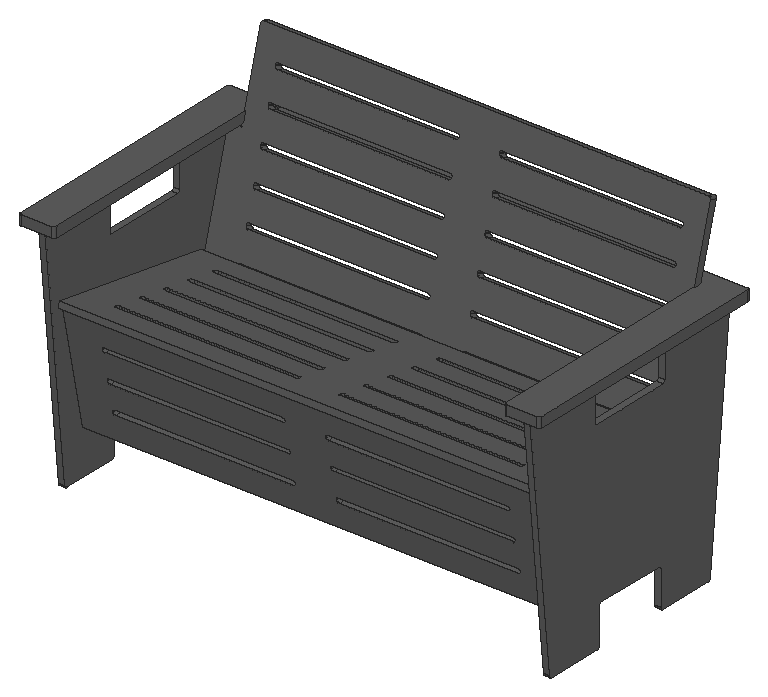
Revit family "Lollygagger Go Love Seat", category Furniture, Revit 2016 (continued)
Lines and regions (in)
  Masking region 7
    outline origin (0, 0, 0) x (1, 0, 0) y (0, 1, 0)
      loop
        spline (0, 13.96033) -> (-2.44091, 13.94774) -> (-4.79691, 13.9251) -> (-7.06802, 13.89242) -> (-9.25422, 13.84969) -> (-11.35553, 13.79691) -> (-13.37194, 13.73409) -> (-15.30345, 13.66122) -> (-17.15006, 13.5783) -> (-18.91177, 13.48533) -> (-20.58858, 13.38232) -> (-22.18049, 13.26926) -> (-23.6875, 13.14615)
        line (-23.6875, 13.14615) -> (-23.6875, 13) -> (-22.4992, 13)
        arc (-22.4992, 13) -> (-22.32299, 12.92701) -> (-22.25, 12.7508) r 0.2492
  Masking region 8
    outline origin (0, 0, 0) x (1, 0, 0) y (0, 1, 0)
      loop
        line (-24.3125, 14.62925) -> (-24.3125, 13) -> (-23.6875, 13) -> (-23.6875, 14.62925) -> (-24.3125, 14.62925)
      loop
        line (24.3125, 14.62925) -> (23.6875, 14.62925) -> (23.6875, 13) -> (24.3125, 13) -> (24.3125, 14.62925)
  Masking region 9
    outline origin (0, 0, 0) x (0, 1, 0) y (0, 0, 1)
      loop
        line (13, 25) -> (13, 24) -> (12.39892, 24) -> (12.30696, 23.12506) -> (13.14267, 23.12506)
        arc (13.14267, 23.12506) -> (13.31944, 23.19828) -> (13.39267, 23.37506) r 0.25
        line (13.39267, 23.37506) -> (13.39267, 23.75006) -> (13.96039, 23.75006) -> (13.96039, 24.75006) -> (13.32118, 24.75006) -> (13.32118, 25) -> (13, 25)
  symbolic lines
    curve 1: line (0, 9.97754, 24) -> (0, -9.97778, 24)
  symbolic lines, style "Furniture", detail levels medium+fine
    curve 2: line (-19.9375, 4.33816, 0) -> (-2.25, 4.33816, 0)
    curve 3: line (-20.1875, 4.0304, 0) -> (-20.1875, 4.09195, 0)
    curve 4: spline (-19.9375, 3.7842, 0) -> (-19.97013, 3.78631, 0) -> (-20.0022, 3.79259, 0) -> (-20.03317, 3.80294, 0) -> (-20.0625, 3.81719, 0) -> (-20.08969, 3.83508, 0) -> (-20.11428, 3.85631, 0) -> (-20.13584, 3.88052, 0) -> (-20.15401, 3.9073, 0) -> (-20.16847, 3.93619, 0) -> (-20.17898, 3.96668, 0) -> (-20.18536, 3.99827, 0) -> (-20.1875, 4.0304, 0)
    curve 5: spline (-20.1875, 4.09195, 0) -> (-20.18536, 4.12409, 0) -> (-20.17898, 4.15568, 0) -> (-20.16847, 4.18617, 0) -> (-20.15401, 4.21505, 0) -> (-20.13584, 4.24183, 0) -> (-20.11428, 4.26604, 0) -> (-20.08969, 4.28728, 0) -> (-20.0625, 4.30517, 0) -> (-20.03317, 4.31941, 0) -> (-20.0022, 4.32977, 0) -> (-19.97013, 4.33605, 0) -> (-19.9375, 4.33816, 0)
    curve 6: line (19.9375, 3.7842, 0) -> (2.25, 3.7842, 0)
    curve 7: spline (20.1875, 4.0304, 0) -> (20.18536, 3.99827, 0) -> (20.17898, 3.96668, 0) -> (20.16847, 3.93619, 0) -> (20.15401, 3.9073, 0) -> (20.13584, 3.88052, 0) -> (20.11428, 3.85631, 0) -> (20.08969, 3.83508, 0) -> (20.0625, 3.81719, 0) -> (20.03317, 3.80294, 0) -> (20.0022, 3.79259, 0) -> (19.97013, 3.78631, 0) -> (19.9375, 3.7842, 0)
    curve 8: spline (19.9375, 4.33816, 0) -> (19.97013, 4.33605, 0) -> (20.0022, 4.32977, 0) -> (20.03317, 4.31941, 0) -> (20.0625, 4.30517, 0) -> (20.08969, 4.28728, 0) -> (20.11428, 4.26604, 0) -> (20.13584, 4.24183, 0) -> (20.15401, 4.21505, 0) -> (20.16847, 4.18617, 0) -> (20.17898, 4.15568, 0) -> (20.18536, 4.12409, 0) -> (20.1875, 4.09195, 0)
    curve 9: line (20.1875, 4.09195, 0) -> (20.1875, 4.0304, 0)
    curve 13: line (-2, 4.0304, 0) -> (-2, 4.09195, 0)
    curve 14: spline (-2.25, 3.7842, 0) -> (-2.21737, 3.78631, 0) -> (-2.1853, 3.79259, 0) -> (-2.15433, 3.80294, 0) -> (-2.125, 3.81719, 0) -> (-2.09781, 3.83508, 0) -> (-2.07322, 3.85631, 0) -> (-2.05166, 3.88052, 0) -> (-2.03349, 3.9073, 0) -> (-2.01903, 3.93619, 0) -> (-2.00852, 3.96668, 0) -> (-2.00214, 3.99827, 0) -> (-2, 4.0304, 0)
    curve 15: spline (-2, 4.09195, 0) -> (-2.00214, 4.12409, 0) -> (-2.00852, 4.15568, 0) -> (-2.01903, 4.18617, 0) -> (-2.03349, 4.21505, 0) -> (-2.05166, 4.24183, 0) -> (-2.07322, 4.26604, 0) -> (-2.09781, 4.28728, 0) -> (-2.125, 4.30517, 0) -> (-2.15433, 4.31941, 0) -> (-2.1853, 4.32977, 0) -> (-2.21737, 4.33605, 0) -> (-2.25, 4.33816, 0)
    curve 16: line (2, 4.0304, 0) -> (2, 4.09195, 0)
    curve 17: spline (2.25, 3.7842, 0) -> (2.21737, 3.78631, 0) -> (2.1853, 3.79259, 0) -> (2.15433, 3.80294, 0) -> (2.125, 3.81719, 0) -> (2.09781, 3.83508, 0) -> (2.07322, 3.85631, 0) -> (2.05166, 3.88052, 0) -> (2.03349, 3.9073, 0) -> (2.01903, 3.93619, 0) -> (2.00852, 3.96668, 0) -> (2.00214, 3.99827, 0) -> (2, 4.0304, 0)
    curve 18: spline (2, 4.09195, 0) -> (2.00214, 4.12409, 0) -> (2.00852, 4.15568, 0) -> (2.01903, 4.18617, 0) -> (2.03349, 4.21505, 0) -> (2.05166, 4.24183, 0) -> (2.07322, 4.26604, 0) -> (2.09781, 4.28728, 0) -> (2.125, 4.30517, 0) -> (2.15433, 4.31941, 0) -> (2.1853, 4.32977, 0) -> (2.21737, 4.33605, 0) -> (2.25, 4.33816, 0)
    curve 19: line (-19.9375, 1.33244, 0) -> (-2.25, 1.33244, 0)
    curve 20: line (-20.1875, 1.02469, 0) -> (-20.1875, 1.08624, 0)
    curve 21: spline (-19.9375, 0.77849, 0) -> (-19.97013, 0.78059, 0) -> (-20.0022, 0.78687, 0) -> (-20.03317, 0.79723, 0) -> (-20.0625, 0.81147, 0) -> (-20.08969, 0.82936, 0) -> (-20.11428, 0.8506, 0) -> (-20.13584, 0.87481, 0) -> (-20.15401, 0.90159, 0) -> (-20.16847, 0.93047, 0) -> (-20.17898, 0.96097, 0) -> (-20.18536, 0.99255, 0) -> (-20.1875, 1.02469, 0)
    curve 22: spline (-20.1875, 1.08624, 0) -> (-20.18536, 1.11837, 0) -> (-20.17898, 1.14996, 0) -> (-20.16847, 1.18046, 0) -> (-20.15401, 1.20934, 0) -> (-20.13584, 1.23612, 0) -> (-20.11428, 1.26033, 0) -> (-20.08969, 1.28156, 0) -> (-20.0625, 1.29946, 0) -> (-20.03317, 1.3137, 0) -> (-20.0022, 1.32405, 0) -> (-19.97013, 1.33033, 0) -> (-19.9375, 1.33244, 0)
    curve 23: line (19.9375, 0.77849, 0) -> (2.25, 0.77849, 0)
    curve 24: spline (20.1875, 1.02469, 0) -> (20.18536, 0.99255, 0) -> (20.17898, 0.96097, 0) -> (20.16847, 0.93047, 0) -> (20.15401, 0.90159, 0) -> (20.13584, 0.87481, 0) -> (20.11428, 0.8506, 0) -> (20.08969, 0.82936, 0) -> (20.0625, 0.81147, 0) -> (20.03317, 0.79723, 0) -> (20.0022, 0.78687, 0) -> (19.97013, 0.78059, 0) -> (19.9375, 0.77849, 0)
    curve 25: spline (19.9375, 1.33244, 0) -> (19.97013, 1.33033, 0) -> (20.0022, 1.32405, 0) -> (20.03317, 1.3137, 0) -> (20.0625, 1.29946, 0) -> (20.08969, 1.28156, 0) -> (20.11428, 1.26033, 0) -> (20.13584, 1.23612, 0) -> (20.15401, 1.20934, 0) -> (20.16847, 1.18046, 0) -> (20.17898, 1.14996, 0) -> (20.18536, 1.11837, 0) -> (20.1875, 1.08624, 0)
    curve 26: line (20.1875, 1.08624, 0) -> (20.1875, 1.02469, 0)
    curve 29: line (-2, 1.02469, 0) -> (-2, 1.08624, 0)
    curve 30: spline (-2.25, 0.77849, 0) -> (-2.21737, 0.78059, 0) -> (-2.1853, 0.78687, 0) -> (-2.15433, 0.79723, 0) -> (-2.125, 0.81147, 0) -> (-2.09781, 0.82936, 0) -> (-2.07322, 0.8506, 0) -> (-2.05166, 0.87481, 0) -> (-2.03349, 0.90159, 0) -> (-2.01903, 0.93047, 0) -> (-2.00852, 0.96097, 0) -> (-2.00214, 0.99255, 0) -> (-2, 1.02469, 0)
    curve 31: spline (-2, 1.08624, 0) -> (-2.00214, 1.11837, 0) -> (-2.00852, 1.14996, 0) -> (-2.01903, 1.18046, 0) -> (-2.03349, 1.20934, 0) -> (-2.05166, 1.23612, 0) -> (-2.07322, 1.26033, 0) -> (-2.09781, 1.28156, 0) -> (-2.125, 1.29946, 0) -> (-2.15433, 1.3137, 0) -> (-2.1853, 1.32405, 0) -> (-2.21737, 1.33033, 0) -> (-2.25, 1.33244, 0)
    curve 32: line (2, 1.02469, 0) -> (2, 1.08624, 0)
    curve 33: spline (2.25, 0.77849, 0) -> (2.21737, 0.78059, 0) -> (2.1853, 0.78687, 0) -> (2.15433, 0.79723, 0) -> (2.125, 0.81147, 0) -> (2.09781, 0.82936, 0) -> (2.07322, 0.8506, 0) -> (2.05166, 0.87481, 0) -> (2.03349, 0.90159, 0) -> (2.01903, 0.93047, 0) -> (2.00852, 0.96097, 0) -> (2.00214, 0.99255, 0) -> (2, 1.02469, 0)
    curve 34: spline (2, 1.08624, 0) -> (2.00214, 1.11837, 0) -> (2.00852, 1.14996, 0) -> (2.01903, 1.18046, 0) -> (2.03349, 1.20934, 0) -> (2.05166, 1.23612, 0) -> (2.07322, 1.26033, 0) -> (2.09781, 1.28156, 0) -> (2.125, 1.29946, 0) -> (2.15433, 1.3137, 0) -> (2.1853, 1.32405, 0) -> (2.21737, 1.33033, 0) -> (2.25, 1.33244, 0)
    curve 35: line (-19.9375, -1.67328, 0) -> (-2.25, -1.67328, 0)
    curve 36: line (-20.1875, -1.98103, 0) -> (-20.1875, -1.91948, 0)
    curve 37: spline (-19.9375, -2.22723, 0) -> (-19.97013, -2.22512, 0) -> (-20.0022, -2.21884, 0) -> (-20.03317, -2.20849, 0) -> (-20.0625, -2.19424, 0) -> (-20.08969, -2.17635, 0) -> (-20.11428, -2.15512, 0) -> (-20.13584, -2.13091, 0) -> (-20.15401, -2.10413, 0) -> (-20.16847, -2.07525, 0) -> (-20.17898, -2.04475, 0) -> (-20.18536, -2.01316, 0) -> (-20.1875, -1.98103, 0)
    curve 38: spline (-20.1875, -1.91948, 0) -> (-20.18536, -1.88734, 0) -> (-20.17898, -1.85576, 0) -> (-20.16847, -1.82526, 0) -> (-20.15401, -1.79638, 0) -> (-20.13584, -1.7696, 0) -> (-20.11428, -1.74539, 0) -> (-20.08969, -1.72415, 0) -> (-20.0625, -1.70626, 0) -> (-20.03317, -1.69202, 0) -> (-20.0022, -1.68166, 0) -> (-19.97013, -1.67538, 0) -> (-19.9375, -1.67328, 0)
    curve 39: line (19.9375, -2.22723, 0) -> (2.25, -2.22723, 0)
    curve 40: spline (20.1875, -1.98103, 0) -> (20.18536, -2.01316, 0) -> (20.17898, -2.04475, 0) -> (20.16847, -2.07525, 0) -> (20.15401, -2.10413, 0) -> (20.13584, -2.13091, 0) -> (20.11428, -2.15512, 0) -> (20.08969, -2.17635, 0) -> (20.0625, -2.19424, 0) -> (20.03317, -2.20849, 0) -> (20.0022, -2.21884, 0) -> (19.97013, -2.22512, 0) -> (19.9375, -2.22723, 0)
    curve 41: spline (19.9375, -1.67328, 0) -> (19.97013, -1.67538, 0) -> (20.0022, -1.68166, 0) -> (20.03317, -1.69202, 0) -> (20.0625, -1.70626, 0) -> (20.08969, -1.72415, 0) -> (20.11428, -1.74539, 0) -> (20.13584, -1.7696, 0) -> (20.15401, -1.79638, 0) -> (20.16847, -1.82526, 0) -> (20.17898, -1.85576, 0) -> (20.18536, -1.88734, 0) -> (20.1875, -1.91948, 0)
    curve 42: line (20.1875, -1.91948, 0) -> (20.1875, -1.98103, 0)
    curve 45: line (-2, -1.98103, 0) -> (-2, -1.91948, 0)
    curve 46: spline (-2.25, -2.22723, 0) -> (-2.21737, -2.22512, 0) -> (-2.1853, -2.21884, 0) -> (-2.15433, -2.20849, 0) -> (-2.125, -2.19424, 0) -> (-2.09781, -2.17635, 0) -> (-2.07322, -2.15512, 0) -> (-2.05166, -2.13091, 0) -> (-2.03349, -2.10413, 0) -> (-2.01903, -2.07525, 0) -> (-2.00852, -2.04475, 0) -> (-2.00214, -2.01316, 0) -> (-2, -1.98103, 0)
    curve 47: spline (-2, -1.91948, 0) -> (-2.00214, -1.88734, 0) -> (-2.00852, -1.85576, 0) -> (-2.01903, -1.82526, 0) -> (-2.03349, -1.79638, 0) -> (-2.05166, -1.7696, 0) -> (-2.07322, -1.74539, 0) -> (-2.09781, -1.72415, 0) -> (-2.125, -1.70626, 0) -> (-2.15433, -1.69202, 0) -> (-2.1853, -1.68166, 0) -> (-2.21737, -1.67538, 0) -> (-2.25, -1.67328, 0)
    curve 48: line (2, -1.98103, 0) -> (2, -1.91948, 0)
    curve 49: spline (2.25, -2.22723, 0) -> (2.21737, -2.22512, 0) -> (2.1853, -2.21884, 0) -> (2.15433, -2.20849, 0) -> (2.125, -2.19424, 0) -> (2.09781, -2.17635, 0) -> (2.07322, -2.15512, 0) -> (2.05166, -2.13091, 0) -> (2.03349, -2.10413, 0) -> (2.01903, -2.07525, 0) -> (2.00852, -2.04475, 0) -> (2.00214, -2.01316, 0) -> (2, -1.98103, 0)
    curve 50: spline (2, -1.91948, 0) -> (2.00214, -1.88734, 0) -> (2.00852, -1.85576, 0) -> (2.01903, -1.82526, 0) -> (2.03349, -1.79638, 0) -> (2.05166, -1.7696, 0) -> (2.07322, -1.74539, 0) -> (2.09781, -1.72415, 0) -> (2.125, -1.70626, 0) -> (2.15433, -1.69202, 0) -> (2.1853, -1.68166, 0) -> (2.21737, -1.67538, 0) -> (2.25, -1.67328, 0)
    curve 51: line (-19.9375, -4.67899, 0) -> (-2.25, -4.67899, 0)
    curve 52: line (-20.1875, -4.98674, 0) -> (-20.1875, -4.92519, 0)
    curve 53: spline (-19.9375, -5.23295, 0) -> (-19.97013, -5.23084, 0) -> (-20.0022, -5.22456, 0) -> (-20.03317, -5.2142, 0) -> (-20.0625, -5.19996, 0) -> (-20.08969, -5.18207, 0) -> (-20.11428, -5.16083, 0) -> (-20.13584, -5.13662, 0) -> (-20.15401, -5.10984, 0) -> (-20.16847, -5.08096, 0) -> (-20.17898, -5.05046, 0) -> (-20.18536, -5.01888, 0) -> (-20.1875, -4.98674, 0)
    curve 54: spline (-20.1875, -4.92519, 0) -> (-20.18536, -4.89306, 0) -> (-20.17898, -4.86147, 0) -> (-20.16847, -4.83098, 0) -> (-20.15401, -4.80209, 0) -> (-20.13584, -4.77531, 0) -> (-20.11428, -4.7511, 0) -> (-20.08969, -4.72987, 0) -> (-20.0625, -4.71198, 0) -> (-20.03317, -4.69773, 0) -> (-20.0022, -4.68738, 0) -> (-19.97013, -4.6811, 0) -> (-19.9375, -4.67899, 0)
    curve 55: line (19.9375, -5.23295, 0) -> (2.25, -5.23295, 0)
    curve 56: spline (20.1875, -4.98674, 0) -> (20.18536, -5.01888, 0) -> (20.17898, -5.05046, 0) -> (20.16847, -5.08096, 0) -> (20.15401, -5.10984, 0) -> (20.13584, -5.13662, 0) -> (20.11428, -5.16083, 0) -> (20.08969, -5.18207, 0) -> (20.0625, -5.19996, 0) -> (20.03317, -5.2142, 0) -> (20.0022, -5.22456, 0) -> (19.97013, -5.23084, 0) -> (19.9375, -5.23295, 0)
    curve 57: spline (19.9375, -4.67899, 0) -> (19.97013, -4.6811, 0) -> (20.0022, -4.68738, 0) -> (20.03317, -4.69773, 0) -> (20.0625, -4.71198, 0) -> (20.08969, -4.72987, 0) -> (20.11428, -4.7511, 0) -> (20.13584, -4.77531, 0) -> (20.15401, -4.80209, 0) -> (20.16847, -4.83098, 0) -> (20.17898, -4.86147, 0) -> (20.18536, -4.89306, 0) -> (20.1875, -4.92519, 0)
    curve 58: line (20.1875, -4.92519, 0) -> (20.1875, -4.98674, 0)
    curve 61: line (-2, -4.98674, 0) -> (-2, -4.92519, 0)
    curve 62: spline (-2.25, -5.23295, 0) -> (-2.21737, -5.23084, 0) -> (-2.1853, -5.22456, 0) -> (-2.15433, -5.2142, 0) -> (-2.125, -5.19996, 0) -> (-2.09781, -5.18207, 0) -> (-2.07322, -5.16083, 0) -> (-2.05166, -5.13662, 0) -> (-2.03349, -5.10984, 0) -> (-2.01903, -5.08096, 0) -> (-2.00852, -5.05046, 0) -> (-2.00214, -5.01888, 0) -> (-2, -4.98674, 0)
    curve 63: spline (-2, -4.92519, 0) -> (-2.00214, -4.89306, 0) -> (-2.00852, -4.86147, 0) -> (-2.01903, -4.83098, 0) -> (-2.03349, -4.80209, 0) -> (-2.05166, -4.77531, 0) -> (-2.07322, -4.7511, 0) -> (-2.09781, -4.72987, 0) -> (-2.125, -4.71198, 0) -> (-2.15433, -4.69773, 0) -> (-2.1853, -4.68738, 0) -> (-2.21737, -4.6811, 0) -> (-2.25, -4.67899, 0)
    curve 64: line (2, -4.98674, 0) -> (2, -4.92519, 0)
    curve 65: spline (2.25, -5.23295, 0) -> (2.21737, -5.23084, 0) -> (2.1853, -5.22456, 0) -> (2.15433, -5.2142, 0) -> (2.125, -5.19996, 0) -> (2.09781, -5.18207, 0) -> (2.07322, -5.16083, 0) -> (2.05166, -5.13662, 0) -> (2.03349, -5.10984, 0) -> (2.01903, -5.08096, 0) -> (2.00852, -5.05046, 0) -> (2.00214, -5.01888, 0) -> (2, -4.98674, 0)
    curve 66: spline (2, -4.92519, 0) -> (2.00214, -4.89306, 0) -> (2.00852, -4.86147, 0) -> (2.01903, -4.83098, 0) -> (2.03349, -4.80209, 0) -> (2.05166, -4.77531, 0) -> (2.07322, -4.7511, 0) -> (2.09781, -4.72987, 0) -> (2.125, -4.71198, 0) -> (2.15433, -4.69773, 0) -> (2.1853, -4.68738, 0) -> (2.21737, -4.6811, 0) -> (2.25, -4.67899, 0)
    curve 67: line (-19.9375, -7.68471, 0) -> (-2.25, -7.68471, 0)
    curve 68: line (-20.1875, -7.99246, 0) -> (-20.1875, -7.93091, 0)
    curve 69: spline (-19.9375, -8.23866, 0) -> (-19.97013, -8.23655, 0) -> (-20.0022, -8.23027, 0) -> (-20.03317, -8.21992, 0) -> (-20.0625, -8.20568, 0) -> (-20.08969, -8.18778, 0) -> (-20.11428, -8.16655, 0) -> (-20.13584, -8.14234, 0) -> (-20.15401, -8.11556, 0) -> (-20.16847, -8.08668, 0) -> (-20.17898, -8.05618, 0) -> (-20.18536, -8.02459, 0) -> (-20.1875, -7.99246, 0)
    curve 70: spline (-20.1875, -7.93091, 0) -> (-20.18536, -7.89877, 0) -> (-20.17898, -7.86719, 0) -> (-20.16847, -7.83669, 0) -> (-20.15401, -7.80781, 0) -> (-20.13584, -7.78103, 0) -> (-20.11428, -7.75682, 0) -> (-20.08969, -7.73558, 0) -> (-20.0625, -7.71769, 0) -> (-20.03317, -7.70345, 0) -> (-20.0022, -7.6931, 0) -> (-19.97013, -7.68681, 0) -> (-19.9375, -7.68471, 0)
    curve 71: line (19.9375, -8.23866, 0) -> (2.25, -8.23866, 0)
    curve 72: spline (20.1875, -7.99246, 0) -> (20.18536, -8.02459, 0) -> (20.17898, -8.05618, 0) -> (20.16847, -8.08668, 0) -> (20.15401, -8.11556, 0) -> (20.13584, -8.14234, 0) -> (20.11428, -8.16655, 0) -> (20.08969, -8.18778, 0) -> (20.0625, -8.20568, 0) -> (20.03317, -8.21992, 0) -> (20.0022, -8.23027, 0) -> (19.97013, -8.23655, 0) -> (19.9375, -8.23866, 0)
    curve 73: spline (19.9375, -7.68471, 0) -> (19.97013, -7.68681, 0) -> (20.0022, -7.6931, 0) -> (20.03317, -7.70345, 0) -> (20.0625, -7.71769, 0) -> (20.08969, -7.73558, 0) -> (20.11428, -7.75682, 0) -> (20.13584, -7.78103, 0) -> (20.15401, -7.80781, 0) -> (20.16847, -7.83669, 0) -> (20.17898, -7.86719, 0) -> (20.18536, -7.89877, 0) -> (20.1875, -7.93091, 0)
    curve 74: line (20.1875, -7.93091, 0) -> (20.1875, -7.99246, 0)
    curve 77: line (-2, -7.99246, 0) -> (-2, -7.93091, 0)
    curve 78: spline (-2.25, -8.23866, 0) -> (-2.21737, -8.23655, 0) -> (-2.1853, -8.23027, 0) -> (-2.15433, -8.21992, 0) -> (-2.125, -8.20568, 0) -> (-2.09781, -8.18778, 0) -> (-2.07322, -8.16655, 0) -> (-2.05166, -8.14234, 0) -> (-2.03349, -8.11556, 0) -> (-2.01903, -8.08668, 0) -> (-2.00852, -8.05618, 0) -> (-2.00214, -8.02459, 0) -> (-2, -7.99246, 0)
    curve 79: spline (-2, -7.93091, 0) -> (-2.00214, -7.89877, 0) -> (-2.00852, -7.86719, 0) -> (-2.01903, -7.83669, 0) -> (-2.03349, -7.80781, 0) -> (-2.05166, -7.78103, 0) -> (-2.07322, -7.75682, 0) -> (-2.09781, -7.73558, 0) -> (-2.125, -7.71769, 0) -> (-2.15433, -7.70345, 0) -> (-2.1853, -7.6931, 0) -> (-2.21737, -7.68681, 0) -> (-2.25, -7.68471, 0)
    curve 80: line (2, -7.99246, 0) -> (2, -7.93091, 0)
    curve 81: spline (2.25, -8.23866, 0) -> (2.21737, -8.23655, 0) -> (2.1853, -8.23027, 0) -> (2.15433, -8.21992, 0) -> (2.125, -8.20568, 0) -> (2.09781, -8.18778, 0) -> (2.07322, -8.16655, 0) -> (2.05166, -8.14234, 0) -> (2.03349, -8.11556, 0) -> (2.01903, -8.08668, 0) -> (2.00852, -8.05618, 0) -> (2.00214, -8.02459, 0) -> (2, -7.99246, 0)
    curve 82: spline (2, -7.93091, 0) -> (2.00214, -7.89877, 0) -> (2.00852, -7.86719, 0) -> (2.01903, -7.83669, 0) -> (2.03349, -7.80781, 0) -> (2.05166, -7.78103, 0) -> (2.07322, -7.75682, 0) -> (2.09781, -7.73558, 0) -> (2.125, -7.71769, 0) -> (2.15433, -7.70345, 0) -> (2.1853, -7.6931, 0) -> (2.21737, -7.68681, 0) -> (2.25, -7.68471, 0)
  symbolic lines, style "Furniture"
    curve 10: line (-22.25, 6.78992, 0) -> (22.25, 6.78992, 0)
  symbolic lines, detail levels medium+fine
    curve 11: line (2.25, 4.33816, 0) -> (19.9375, 4.33816, 0)
    curve 12: line (-2.25, 3.7842, 0) -> (-19.9375, 3.7842, 0)
    curve 27: line (2.25, 1.33244, 0) -> (19.9375, 1.33244, 0)
    curve 28: line (-2.25, 0.77849, 0) -> (-19.9375, 0.77849, 0)
    curve 43: line (2.25, -1.67328, 0) -> (19.9375, -1.67328, 0)
    curve 44: line (-2.25, -2.22723, 0) -> (-19.9375, -2.22723, 0)
    curve 59: line (2.25, -4.67899, 0) -> (19.9375, -4.67899, 0)
    curve 60: line (-2.25, -5.23295, 0) -> (-19.9375, -5.23295, 0)
    curve 75: line (2.25, -7.68471, 0) -> (19.9375, -7.68471, 0)
    curve 76: line (-2.25, -8.23866, 0) -> (-19.9375, -8.23866, 0)
Dimensions and locks (in)
  "Height Top": plane 4 to level
  "Thick": plane 4 to plane 5
  "Width": plane 6 to plane 7
  equal spacing: plane 7, plane 1 "Center Front/Back", plane 6
  plane 7 to plane 12 = 0' - 3.02222"
  plane 11 to plane 6 = 0' - 3.02246"
  equal spacing: plane 9, plane 3 "Center Left/Right", plane 10
  locked: plane 13 to plane 14 at 0.625
  locked: plane 10 to plane 13 at 1.4375
  locked: plane 15 to plane 9 at 1.4375
  locked: plane 15 to plane 16 at 0.625
  "Length": plane 9 to plane 10
  locked: plane 5 to Extrusion 3 at 0.25
  locked: plane 9 to plane 17 at 3.5
  locked: plane 18 to plane 10 at 3.5
  "Apron": plane 5 to plane 8
  aligned and locked: level to plane 2
  aligned and locked: Extrusion 1 to plane 7
  aligned and locked: plane 6 to Extrusion 1  (x2)
  aligned and locked: Masking region 2 sketch curve to Extrusion 1
  aligned and locked: curve 1 to plane 5
  aligned and locked: plane 15 to Extrusion 2
  aligned and locked: Extrusion 2 to plane 16
  aligned and locked: plane 4 to Extrusion 1
  aligned and locked: Extrusion 1 to plane 5
  aligned and locked: Masking region 2 to plane 5
  aligned and locked: plane 5 to Extrusion 2  (x2)
  aligned and locked: Masking region 3 to plane 5  (x2)
  aligned and locked: plane 5 to Extrusion 3
  aligned and locked: Masking region 5 sketch curve to plane 14
  aligned and locked: Masking region 5 sketch curve to plane 13
  aligned and locked: level to Masking region 5 sketch curve
  aligned and locked: plane 15 to Masking region 5 sketch curve
  aligned and locked: plane 16 to Masking region 5 sketch curve
  aligned and locked: Masking region 5 sketch curve to plane 2
  aligned and locked: plane 17 to Extrusion 1
  aligned and locked: Extrusion 1 to plane 9
  aligned and locked: Masking region 4 to plane 9
  aligned and locked: plane 17 to Masking region 4
  aligned and locked: plane 6 to Masking region 4
  aligned and locked: Masking region 4 sketch curve to plane 7  (x2)
  aligned and locked: plane 9 to Masking region 1
  aligned and locked: plane 4 to Masking region 1 sketch curve
  aligned and locked: Masking region 1 sketch curve to plane 5
  aligned and locked: plane 10 to Masking region 1 sketch curve
  aligned and locked: plane 10 to Extrusion 4
  aligned and locked: Extrusion 4 to plane 5
  aligned and locked: plane 4 to Extrusion 4
  aligned and locked: Masking region 4 sketch curve to plane 18
  aligned and locked: Masking region 4 sketch curve to plane 6
  aligned and locked: Masking region 4 sketch curve to plane 10
  aligned and locked: plane 18 to Masking region 6 sketch curve
  aligned and locked: plane 17 to Masking region 6 sketch curve
  aligned and locked: Masking region 6 sketch curve to plane 16
  aligned and locked: plane 14 to Masking region 6 sketch curve
  aligned and locked: Extrusion 5 to Extrusion 3
  aligned and locked: Extrusion 7 to Extrusion 3
  aligned and locked: Extrusion 6 to Extrusion 7
  aligned and locked: plane 19 to Masking region 3 sketch curve
  aligned and locked: plane 20 to Masking region 3 sketch curve
  aligned and locked: plane 4 to Masking region 3 sketch curve
  aligned and locked: Masking region 7 sketch curve to plane 17
  aligned and locked: Masking region 7 sketch curve to plane 18
  aligned and locked: plane 15 to Masking region 8 sketch curve
  aligned and locked: plane 16 to Masking region 8 sketch curve
  aligned and locked: Masking region 8 sketch curve to plane 6
  aligned and locked: plane 6 to Masking region 8 sketch curve
  aligned and locked: Masking region 8 sketch curve to plane 14
  aligned and locked: Masking region 8 sketch curve to plane 13
  aligned and locked: plane 5 to Extrusion 7
  aligned and locked: plane 5 to Extrusion 5
  aligned and locked: plane 5 to Extrusion 6
  aligned and locked: plane 21 to Extrusion 8
  aligned and locked: Extrusion 8 to plane 22
  aligned and locked: plane 22 to Extrusion 10
  aligned and locked: plane 22 to Extrusion 11
  aligned and locked: Masking region 3 sketch curve to Extrusion 2  (x8)
  aligned and locked: Masking region 6 to Extrusion 13
  aligned and locked: plane 16 to Extrusion 10
  aligned and locked: plane 16 to Extrusion 16
  aligned and locked: plane 16 to Extrusion 14
  aligned and locked: plane 14 to Extrusion 17
  aligned and locked: plane 14 to Extrusion 11
  aligned and locked: plane 14 to Extrusion 15
  aligned and locked: Extrusion 19 to plane 19
  aligned and locked: Extrusion 18 sketch curve to plane 22
  aligned and locked: Masking region 9 sketch curve to Extrusion 1
  aligned and locked: plane 16 to Masking region 7 sketch curve
  aligned and locked: plane 2 to Extrusion 2 sketch curve
  aligned and locked: plane 19 to Extrusion 13
  aligned and locked: Extrusion 13 to plane 20
  aligned and locked: Extrusion 24 to plane 14
  aligned and locked: plane 13 to Extrusion 24
Automatic sketch dimensions
  curve 10 to plane 17 = 0' - 0"
  curve 10 to plane 18 = 0' - 0"
  plane 17 to curve 36 = 0' - 2 1/16"
  plane 17 to curve 3 = 0' - 2 1/16"
  curve 20 to plane 1 "Center Front/Back" = 0' - 1.02469"
  plane 17 to curve 20 = 0' - 2 1/16"
  plane 17 to curve 68 = 0' - 2 1/16"
  plane 17 to curve 52 = 0' - 2 1/16"
  curve 52 to curve 51 = 0' - 0 1/4"
  curve 4 to curve 12 = 0' - 0 1/4"
  curve 36 to curve 44 = 0' - 0 1/4"
  curve 68 to curve 67 = 0' - 0 1/4"
  curve 76 to curve 70 = 0' - 0"
  curve 60 to curve 54 = 0' - 0"
  curve 20 to curve 28 = 0' - 0 1/4"
  curve 35 to curve 37 = 0' - 0"
  curve 19 to curve 21 = 0' - 0"
  curve 2 to curve 4 = 0' - 0"
  curve 60 to plane 3 "Center Left/Right" = 0' - 2 1/4"
  curve 76 to plane 3 "Center Left/Right" = 0' - 2 1/4"
  curve 28 to plane 1 "Center Front/Back" = 0' - 0.77849"
  curve 28 to plane 3 "Center Left/Right" = 0' - 2 1/4"
  curve 51 to curve 62 = 0' - 0"
  curve 19 to curve 30 = 0' - 0"
  curve 12 to plane 3 "Center Left/Right" = 0' - 2 1/4"
  curve 44 to plane 3 "Center Left/Right" = 0' - 2 1/4"
  curve 2 to curve 14 = 0' - 0"
  curve 67 to curve 78 = 0' - 0"
  curve 35 to curve 46 = 0' - 0"
  curve 62 to curve 61 = 0' - 0 1/4"
  curve 31 to curve 29 = 0' - 0 1/4"
  curve 78 to curve 77 = 0' - 0 1/4"
  curve 47 to curve 45 = 0' - 0 1/4"
  curve 15 to curve 13 = 0' - 0 1/4"
  plane 3 "Center Left/Right" to curve 80 = 0' - 2"
  plane 3 "Center Left/Right" to curve 64 = 0' - 2"
  plane 3 "Center Left/Right" to curve 32 = 0' - 2"
  plane 3 "Center Left/Right" to curve 16 = 0' - 2"
  plane 3 "Center Left/Right" to curve 48 = 0' - 2"
  curve 18 to curve 11 = 0' - 0 1/4"
  curve 50 to curve 43 = 0' - 0 1/4"
  curve 32 to curve 23 = 0' - 0 1/4"
  curve 64 to curve 55 = 0' - 0 1/4"
  curve 6 to curve 18 = 0' - 0"
  curve 39 to curve 50 = 0' - 0"
  curve 27 to curve 33 = 0' - 0"
  curve 82 to curve 75 = 0' - 0 1/4"
  curve 71 to curve 82 = 0' - 0"
  curve 59 to curve 65 = 0' - 0"
  curve 55 to plane 18 = 0' - 2 5/16"
  curve 11 to plane 18 = 0' - 2 5/16"
  curve 6 to curve 8 = 0' - 0"
  curve 23 to plane 1 "Center Front/Back" = 0' - 0.77849"
  curve 23 to plane 18 = 0' - 2 5/16"
  curve 39 to plane 18 = 0' - 2 5/16"
  curve 43 to curve 40 = 0' - 0"
  curve 59 to curve 56 = 0' - 0"
  curve 27 to curve 24 = 0' - 0"
  curve 75 to plane 18 = 0' - 2 5/16"
  curve 71 to curve 73 = 0' - 0"
  curve 73 to curve 74 = 0' - 0 1/4"
  curve 25 to curve 26 = 0' - 0 1/4"
  curve 56 to curve 58 = 0' - 0 1/4"
  curve 7 to curve 9 = 0' - 0 1/4"
  curve 41 to curve 42 = 0' - 0 1/4"
  plane 1 "Center Front/Back" to curve 43 = 0' - 1.67328"
  plane 1 "Center Front/Back" to curve 35 = 0' - 1.67328"
  curve 36 to curve 35 = 0' - 0.2462"
  curve 48 to curve 50 = 0' - 0.2462"
  curve 45 to curve 47 = 0' - 0.2462"
  curve 42 to curve 41 = 0' - 0.2462"
  curve 42 to curve 41 = 0' - 0.06155"
  curve 45 to curve 47 = 0' - 0.06155"
  curve 36 to curve 36 = 0' - 0.06155"
  curve 48 to curve 48 = 0' - 0.06155"
  curve 44 to curve 46 = 0' - 0.2462"
  curve 39 to curve 40 = 0' - 0.2462"
  curve 51 to curve 37 = 0' - 2.45176"
  curve 59 to curve 40 = 0' - 2.45176"
  curve 61 to curve 63 = 0' - 0.2462"
  curve 64 to curve 66 = 0' - 0.2462"
  curve 52 to curve 51 = 0' - 0.2462"
  curve 58 to curve 57 = 0' - 0.2462"
  curve 52 to curve 52 = 0' - 0.06155"
  curve 61 to curve 63 = 0' - 0.06155"
  curve 58 to curve 57 = 0' - 0.06155"
  curve 64 to curve 64 = 0' - 0.06155"
  curve 60 to curve 62 = 0' - 0.2462"
  curve 55 to curve 65 = 0' - 0.2462"
  curve 67 to plane 12 = 0' - 2.29308"
  curve 75 to plane 12 = 0' - 2.29308"
  curve 68 to curve 67 = 0' - 0.2462"
  curve 77 to curve 79 = 0' - 0.2462"
  curve 74 to curve 73 = 0' - 0.2462"
  curve 80 to curve 82 = 0' - 0.2462"
  curve 68 to curve 68 = 0' - 0.06155"
  curve 74 to curve 73 = 0' - 0.06155"
  curve 77 to curve 79 = 0' - 0.06155"
  curve 80 to curve 80 = 0' - 0.06155"
  curve 76 to curve 69 = 0' - 0.2462"
  curve 71 to curve 72 = 0' - 0.2462"
  curve 23 to curve 32 = 0' - 0.2462"
  curve 23 to curve 26 = 0' - 0.2462"
  curve 30 to curve 29 = 0' - 0.2462"
  curve 24 to curve 26 = 0' - 0.06155"
  curve 21 to curve 20 = 0' - 0.06155"
  curve 32 to curve 32 = 0' - 0.06155"
  curve 29 to curve 29 = 0' - 0.06155"
  curve 34 to curve 27 = 0' - 0.2462"
  curve 31 to curve 19 = 0' - 0.2462"
  curve 25 to curve 6 = 0' - 2.45176"
  curve 19 to curve 12 = 0' - 2.45176"
  curve 6 to curve 16 = 0' - 0.2462"
  curve 6 to curve 9 = 0' - 0.2462"
  curve 12 to curve 3 = 0' - 0.2462"
  curve 14 to curve 13 = 0' - 0.2462"
  curve 13 to curve 13 = 0' - 0.06155"
  curve 9 to curve 9 = 0' - 0.06155"
  curve 17 to curve 16 = 0' - 0.06155"
  curve 3 to curve 3 = 0' - 0.06155"
  curve 15 to curve 2 = 0' - 0.2462"
  curve 18 to curve 11 = 0' - 0.2462"
  curve 10 to plane 11 = 0' - 3.18762"
  curve 1 to plane 12 = 0' - 0"
  curve 1 to plane 11 = 0' - 0"
  Extrusion 1 sketch curve to plane 9 = 0' - 0"
  Extrusion 1 sketch curve to plane 7 = 0' - 0"
  Extrusion 1 sketch curve to plane 6 = 0' - 0"
  Extrusion 1 sketch curve to plane 17 = 0' - 0"
  plane 7 to Extrusion 1 sketch curve = 0' - 0.24727"
  Extrusion 1 sketch curve to Extrusion 1 sketch curve = 0' - 0.2492"
  Extrusion 1 sketch curve to plane 17 = 0' - 0.24727"
  plane 17 to Extrusion 1 sketch curve = 0' - 0 1/4"
  Extrusion 1 sketch curve to Extrusion 1 sketch curve = 0' - 1"
  plane 17 to Extrusion 1 sketch curve = 0' - 1.2508"
  Extrusion 1 sketch curve to Extrusion 1 sketch curve = 0' - 0 1/4"
  plane 11 to Extrusion 1 sketch curve = 0' - 1.02843"
  Masking region 1 sketch curve to plane 4 = 0' - 0"
  Masking region 1 sketch curve to plane 9 = 0' - 0"
  Masking region 1 sketch curve to plane 5 = 0' - 0"
  plane 17 to Masking region 1 sketch curve = 0' - 1 1/2"
  Masking region 1 sketch curve to plane 18 = 0' - 1 1/2"
  Masking region 2 sketch curve to plane 4 = 0' - 0"
  Masking region 2 sketch curve to plane 7 = 0' - 0"
  Masking region 2 sketch curve to plane 5 = 0' - 0"
  Extrusion 2 sketch curve to plane 5 = 0' - 0"  (x2)
  Extrusion 2 sketch curve to level = 0' - 0"
  plane 7 to Extrusion 2 sketch curve = 0' - 0.60108"
  Extrusion 2 sketch curve to plane 12 = 0' - 0.07784"
  Extrusion 2 sketch curve to Extrusion 2 sketch curve = 0' - 0.24863"
  plane 1 "Center Front/Back" to Extrusion 2 sketch curve = 0' - 4.37245"
  level to Extrusion 2 sketch curve = 0' - 0 1/4"
  plane 1 "Center Front/Back" to Extrusion 2 sketch curve = 0' - 4.12623"
  Extrusion 2 sketch curve to Extrusion 2 sketch curve = 0' - 0 1/4"  (x3)
  plane 8 to Extrusion 2 sketch curve = 0' - 0.01155"
  Extrusion 2 sketch curve to plane 8 = 0' - 0.23845"
  Extrusion 2 sketch curve to plane 1 "Center Front/Back" = 0' - 3.62623"
  Extrusion 2 sketch curve to plane 1 "Center Front/Back" = 0' - 4.12245"
  Extrusion 2 sketch curve to Extrusion 2 sketch curve = 0' - 0.24753"
  Extrusion 2 sketch curve to plane 11 = 0' - 0.32394"
  Extrusion 2 sketch curve to plane 11 = 0' - 0.07783"
  Extrusion 2 sketch curve to plane 6 = 0' - 0.60108"
  level to Extrusion 2 sketch curve = 0' - 0.22159"
  level to Extrusion 2 sketch curve = 0' - 0.22387"
  Extrusion 2 sketch curve to plane 5 = 0' - 4"
  Masking region 4 sketch curve to plane 9 = 0' - 0"
  Masking region 4 sketch curve to plane 6 = 0' - 0"
  Masking region 4 sketch curve to plane 17 = 0' - 0"
  plane 9 to Masking region 4 sketch curve = 0' - 0.2492"
  plane 9 to Masking region 4 sketch curve = 0' - 0 1/4"
  plane 7 to Masking region 4 sketch curve = 0' - 0 1/4"
  Masking region 4 sketch curve to Masking region 4 sketch curve = 0' - 0.2492"
  Masking region 4 sketch curve to Masking region 4 sketch curve = 0' - 0 1/4"
  plane 18 to Masking region 4 sketch curve = 0' - 0 1/4"
  Masking region 4 sketch curve to plane 10 = 0' - 0 1/4"  (x2)
  plane 9 to Extrusion 3 sketch curve = 0' - 0 3/8"
  plane 15 to Extrusion 3 sketch curve = 0' - 0.56039"
  plane 15 to Extrusion 3 sketch curve = 0' - 0.19696"
  plane 15 to Extrusion 3 sketch curve = 0' - 0.18471"
  Extrusion 3 sketch curve to plane 16 = 0' - 0.19086"
  Extrusion 3 sketch curve to plane 16 = 0' - 0.19239"
  Extrusion 3 sketch curve to plane 16 = 0' - 0.56039"
  Extrusion 3 sketch curve to plane 17 = 0' - 0 3/8"
  Extrusion 3 sketch curve to plane 12 = 0' - 0.23033"
  Extrusion 3 sketch curve to Extrusion 3 sketch curve = 0' - 0.50665"
  Extrusion 3 sketch curve to Extrusion 3 sketch curve = 0' - 0.49897"
  Extrusion 3 sketch curve to Extrusion 3 sketch curve = 0' - 0.5016"
  Masking region 5 sketch curve to plane 5 = 0' - 0"  (x2)
  Masking region 5 sketch curve to plane 17 = 0' - 0"
  Masking region 5 sketch curve to plane 18 = 0' - 0"
  plane 9 to Masking region 5 sketch curve = 0' - 0 3/8"
  Masking region 5 sketch curve to plane 10 = 0' - 0 3/8"
  Masking region 5 sketch curve to plane 5 = 0' - 0 1/4"  (x4)
  Extrusion 4 sketch curve to plane 10 = 0' - 0"
  Extrusion 4 sketch curve to plane 7 = 0' - 0"
  Extrusion 4 sketch curve to plane 6 = 0' - 0"
  Extrusion 4 sketch curve to plane 18 = 0' - 0"
  Extrusion 4 sketch curve to Extrusion 4 sketch curve = 0' - 0.24727"
  plane 6 to Extrusion 4 sketch curve = 0' - 0.2492"  (x2)
  Extrusion 4 sketch curve to plane 18 = 0' - 0.24727"
  plane 18 to Extrusion 4 sketch curve = 0' - 0 1/4"
  Extrusion 4 sketch curve to Extrusion 4 sketch curve = 0' - 1"
  Extrusion 4 sketch curve to Extrusion 4 sketch curve = 0' - 0.0008"
  Extrusion 4 sketch curve to plane 11 = 0' - 1.02843"
  plane 9 to Extrusion 5 sketch curve = 0' - 0 3/8"
  plane 15 to Extrusion 5 sketch curve = 0' - 0.56039"
  plane 15 to Extrusion 5 sketch curve = 0' - 0.19696"
  plane 15 to Extrusion 5 sketch curve = 0' - 0.18471"
  Extrusion 5 sketch curve to plane 16 = 0' - 0.19086"
  Extrusion 5 sketch curve to plane 16 = 0' - 0.19239"
  Extrusion 5 sketch curve to plane 16 = 0' - 0.56039"
  Extrusion 5 sketch curve to plane 17 = 0' - 0 3/8"
  Extrusion 5 sketch curve to plane 11 = 0' - 3.85509"
  Extrusion 5 sketch curve to Extrusion 5 sketch curve = 0' - 0.50665"
  Extrusion 5 sketch curve to Extrusion 5 sketch curve = 0' - 0.49897"
  Extrusion 5 sketch curve to Extrusion 5 sketch curve = 0' - 0.5016"
  plane 18 to Extrusion 6 sketch curve = 0' - 0 3/8"
  Extrusion 6 sketch curve to plane 14 = 0' - 0.56039"
  Extrusion 6 sketch curve to plane 14 = 0' - 0.19239"
  Extrusion 6 sketch curve to plane 14 = 0' - 0.19086"
  plane 13 to Extrusion 6 sketch curve = 0' - 0.18471"
  plane 13 to Extrusion 6 sketch curve = 0' - 0.19696"
  plane 13 to Extrusion 6 sketch curve = 0' - 0.56039"
  Extrusion 6 sketch curve to plane 10 = 0' - 0 3/8"
  Extrusion 6 sketch curve to plane 12 = 0' - 0.23033"
  Extrusion 6 sketch curve to Extrusion 6 sketch curve = 0' - 0.50665"
  Extrusion 6 sketch curve to Extrusion 6 sketch curve = 0' - 0.49897"
  Extrusion 6 sketch curve to Extrusion 6 sketch curve = 0' - 0.5016"
  plane 18 to Extrusion 7 sketch curve = 0' - 0 3/8"
  Extrusion 7 sketch curve to plane 14 = 0' - 0.56039"
  Extrusion 7 sketch curve to plane 14 = 0' - 0.19239"
  Extrusion 7 sketch curve to plane 14 = 0' - 0.19086"
  plane 13 to Extrusion 7 sketch curve = 0' - 0.18471"
  plane 13 to Extrusion 7 sketch curve = 0' - 0.19696"
  plane 13 to Extrusion 7 sketch curve = 0' - 0.56039"
  Extrusion 7 sketch curve to plane 10 = 0' - 0 3/8"
  Extrusion 7 sketch curve to plane 11 = 0' - 3.85509"
  Extrusion 7 sketch curve to Extrusion 7 sketch curve = 0' - 0.50665"
  Extrusion 7 sketch curve to Extrusion 7 sketch curve = 0' - 0.49897"
  Extrusion 7 sketch curve to Extrusion 7 sketch curve = 0' - 0.5016"
  plane 17 to Masking region 6 sketch curve = 0' - 0 1/4"
  plane 17 to Masking region 6 sketch curve = 0' - 2 5/16"  (x4)
  Masking region 6 sketch curve to Masking region 6 sketch curve = 0' - 0"  (x24)
  plane 4 to Masking region 6 sketch curve = 0' - 1.16961"
  Masking region 6 sketch curve to plane 5 = 0' - 0.98787"  (x2)
  plane 4 to Masking region 6 sketch curve = 0' - 0.80118"  (x2)
  Masking region 6 sketch curve to plane 3 "Center Left/Right" = 0' - 2 1/4"  (x4)
  Masking region 6 sketch curve to plane 5 = 0' - 1.3563"  (x2)
  plane 3 "Center Left/Right" to Masking region 6 sketch curve = 0' - 2 1/4"  (x4)
  Masking region 6 sketch curve to plane 18 = 0' - 2.34049"  (x4)
  Masking region 6 sketch curve to Masking region 6 sketch curve = 0' - 0.06938"  (x4)
  Masking region 6 sketch curve to plane 18 = 0' - 0 1/4"
  Masking region 6 sketch curve to Masking region 6 sketch curve = 0' - 2.78904"  (x2)
  Masking region 6 sketch curve to Masking region 6 sketch curve = 0' - 0.36844"  (x5)
  plane 8 to Masking region 6 sketch curve = 0' - 0.06906"
  Masking region 6 sketch curve to plane 5 = 0' - 0 1/4"
  Masking region 6 sketch curve to plane 5 = 0' - 0.24994"
  Masking region 6 sketch curve to Masking region 6 sketch curve = 0' - 2.79083"  (x2)
  Masking region 6 sketch curve to Masking region 6 sketch curve = 0' - 2.53904"
  Masking region 6 sketch curve to Masking region 6 sketch curve = 0' - 0.24309"  (x12)
  Masking region 6 sketch curve to Masking region 6 sketch curve = 0' - 0 1/4"  (x12)
  Masking region 6 sketch curve to Masking region 6 sketch curve = 0' - 0.20304"  (x4)
  Masking region 6 sketch curve to Masking region 6 sketch curve = 0' - 0.00558"  (x8)
  Masking region 6 sketch curve to Masking region 6 sketch curve = 0' - 0.12812"  (x12)
  Masking region 6 sketch curve to Masking region 6 sketch curve = 0' - 0.1679"
  Masking region 6 sketch curve to Masking region 6 sketch curve = 0' - 0.10121"  (x3)
  plane 6 to Masking region 8 sketch curve = 0' - 1.62925"
  Masking region 8 sketch curve to Masking region 8 sketch curve = 0' - 1.62925"
  Extrusion 8 sketch curve to plane 16 = 0' - 0"
  Extrusion 8 sketch curve to plane 14 = 0' - 0"
  plane 17 to Extrusion 8 sketch curve = 0' - 2 1/16"  (x5)
  Extrusion 8 sketch curve to Extrusion 8 sketch curve = 0' - 0 1/4"  (x20)
  Extrusion 8 sketch curve to Extrusion 8 sketch curve = 0' - 0"  (x20)
  Extrusion 8 sketch curve to plane 3 "Center Left/Right" = 0' - 2 1/4"  (x5)
  plane 3 "Center Left/Right" to Extrusion 8 sketch curve = 0' - 2"  (x5)
  Extrusion 8 sketch curve to plane 18 = 0' - 2 5/16"  (x5)
  Extrusion 8 sketch curve to Extrusion 8 sketch curve = 0' - 2.48958"  (x10)
  Extrusion 8 sketch curve to Extrusion 8 sketch curve = 0' - 0 1/16"  (x10)
  Extrusion 8 sketch curve to Extrusion 8 sketch curve = 0' - 2.73958"
  Extrusion 9 sketch curve to plane 16 = 0' - 0"
  Extrusion 9 sketch curve to plane 14 = 0' - 0"
  plane 22 to Extrusion 9 sketch curve = 0' - 0"
  Extrusion 9 sketch curve to plane 22 = 0' - 3 9/16"
  Extrusion 10 sketch curve to plane 22 = 0' - 0"
  Extrusion 10 sketch curve to plane 1 "Center Front/Back" = 0' - 1.38689"
  Extrusion 10 sketch curve to plane 22 = 0' - 0.69178"
  Extrusion 10 sketch curve to Extrusion 10 sketch curve = 0' - 0.00376"
  Extrusion 10 sketch curve to Extrusion 10 sketch curve = 0' - 0.87548"
  Extrusion 10 sketch curve to plane 22 = 0' - 1 9/16"
  Extrusion 10 sketch curve to Extrusion 10 sketch curve = 0' - 0.00476"
  Extrusion 10 sketch curve to Extrusion 10 sketch curve = 0' - 0.62772"
  Extrusion 10 sketch curve to plane 22 = 0' - 0.93194"
  Extrusion 10 sketch curve to Extrusion 10 sketch curve = 0' - 3.99994"
  Extrusion 10 sketch curve to Extrusion 10 sketch curve = 0' - 0.6185"
  Extrusion 10 sketch curve to plane 22 = 0' - 1.53398"
  Extrusion 10 sketch curve to Extrusion 10 sketch curve = 0' - 0.62328"
  Extrusion 10 sketch curve to Extrusion 10 sketch curve = 0' - 0.8747"
  Extrusion 10 sketch curve to plane 22 = 0' - 0.65097"
  Extrusion 10 sketch curve to Extrusion 10 sketch curve = 0' - 0.00354"
  Extrusion 10 sketch curve to Extrusion 10 sketch curve = 0' - 0.26667"
  Extrusion 11 sketch curve to plane 22 = 0' - 0"
  Extrusion 11 sketch curve to plane 1 "Center Front/Back" = 0' - 1.38689"
  Extrusion 11 sketch curve to plane 22 = 0' - 0.69178"
  Extrusion 11 sketch curve to Extrusion 11 sketch curve = 0' - 0.00376"
  Extrusion 11 sketch curve to Extrusion 11 sketch curve = 0' - 0.87548"
  Extrusion 11 sketch curve to plane 22 = 0' - 1 9/16"
  Extrusion 11 sketch curve to Extrusion 11 sketch curve = 0' - 0.00476"
  Extrusion 11 sketch curve to Extrusion 11 sketch curve = 0' - 0.62772"
  Extrusion 11 sketch curve to plane 22 = 0' - 0.93194"
  Extrusion 11 sketch curve to Extrusion 11 sketch curve = 0' - 3.99994"
  Extrusion 11 sketch curve to Extrusion 11 sketch curve = 0' - 0.6185"
  Extrusion 11 sketch curve to plane 22 = 0' - 1.53398"
  Extrusion 11 sketch curve to Extrusion 11 sketch curve = 0' - 0.62328"
  Extrusion 11 sketch curve to Extrusion 11 sketch curve = 0' - 0.8747"
  Extrusion 11 sketch curve to plane 22 = 0' - 0.65097"
  Extrusion 11 sketch curve to Extrusion 11 sketch curve = 0' - 0.00354"
  Extrusion 11 sketch curve to Extrusion 11 sketch curve = 0' - 0.26667"
  Extrusion 12 sketch curve to plane 16 = 0' - 0"
  Extrusion 12 sketch curve to plane 14 = 0' - 0"
  Extrusion 12 sketch curve to plane 18 = 0' - 2 1/4"
  Extrusion 12 sketch curve to Extrusion 12 sketch curve = 0' - 2 29/64"
  Extrusion 12 sketch curve to plane 3 "Center Left/Right" = 0' - 2 1/4"
  Extrusion 12 sketch curve to Extrusion 12 sketch curve = 0' - 0"
  Extrusion 12 sketch curve to Extrusion 12 sketch curve = 0' - 0 1/4"  (x12)
  Extrusion 12 sketch curve to Extrusion 12 sketch curve = 0' - 0.27448"  (x3)
  Extrusion 12 sketch curve to Extrusion 12 sketch curve = 0' - 0.03737"  (x3)
  Extrusion 12 sketch curve to Extrusion 12 sketch curve = 0' - 0.03814"  (x3)
  Extrusion 12 sketch curve to Extrusion 12 sketch curve = 0' - 0.06262"  (x6)
  Extrusion 12 sketch curve to Extrusion 12 sketch curve = 0' - 0.27525"  (x3)
  Extrusion 12 sketch curve to Extrusion 12 sketch curve = 0' - 2.57801"  (x4)
  Extrusion 12 sketch curve to Extrusion 12 sketch curve = 0' - 2.85326"
  Extrusion 12 sketch curve to plane 18 = 0' - 2"  (x2)
  plane 3 "Center Left/Right" to Extrusion 12 sketch curve = 0' - 2 1/4"  (x3)
  Extrusion 12 sketch curve to plane 3 "Center Left/Right" = 0' - 2"  (x2)
  plane 17 to Extrusion 12 sketch curve = 0' - 2.39948"  (x3)
  Extrusion 13 sketch curve to plane 17 = 0' - 0"
  Extrusion 13 sketch curve to plane 18 = 0' - 0"
  Extrusion 13 sketch curve to plane 16 = 0' - 0"
  Extrusion 13 sketch curve to plane 14 = 0' - 0"
  plane 17 to Extrusion 13 sketch curve = 0' - 0 1/4"
  Extrusion 13 sketch curve to Extrusion 13 sketch curve = 0' - 0 1/4"  (x39)
  Extrusion 13 sketch curve to plane 3 "Center Left/Right" = 0' - 2 1/4"  (x8)
  Extrusion 13 sketch curve to Extrusion 13 sketch curve = 0' - 2.47222"
  plane 3 "Center Left/Right" to Extrusion 13 sketch curve = 0' - 2 1/4"
  Extrusion 13 sketch curve to Extrusion 13 sketch curve = 0' - 0"
  Extrusion 13 sketch curve to Extrusion 13 sketch curve = 0' - 0.27799"  (x8)
  Extrusion 13 sketch curve to Extrusion 13 sketch curve = 0' - 0 1/16"  (x23)
  Extrusion 13 sketch curve to Extrusion 13 sketch curve = 0' - 0.07589"  (x7)
  Extrusion 13 sketch curve to Extrusion 13 sketch curve = 0' - 0.20862"  (x2)
  Extrusion 13 sketch curve to Extrusion 13 sketch curve = 0' - 2.72222"  (x8)
  Extrusion 13 sketch curve to Extrusion 13 sketch curve = 0' - 2.14055"  (x2)
  Extrusion 13 sketch curve to Extrusion 13 sketch curve = 0' - 0.58167"
  Extrusion 13 sketch curve to Extrusion 13 sketch curve = 0' - 2.78297"  (x2)
  Extrusion 13 sketch curve to Extrusion 13 sketch curve = 0' - 2.66147"  (x2)
  Extrusion 13 sketch curve to Extrusion 13 sketch curve = 0' - 0.06075"
  Extrusion 13 sketch curve to Extrusion 13 sketch curve = 0' - 0.07414"
  Extrusion 13 sketch curve to Extrusion 13 sketch curve = 0' - 2.72397"
  Extrusion 13 sketch curve to Extrusion 13 sketch curve = 0' - 2.93084"
  plane 17 to Extrusion 13 sketch curve = 0' - 2 1/16"  (x8)
  plane 3 "Center Left/Right" to Extrusion 13 sketch curve = 0' - 2"  (x7)
  Extrusion 13 sketch curve to plane 18 = 0' - 2.34049"  (x8)
  Extrusion 14 sketch curve to plane 19 = 0' - 0"
  Extrusion 14 sketch curve to plane 22 = 0' - 0.8936"
  plane 19 to Extrusion 14 sketch curve = 0' - 0.70054"
  Extrusion 14 sketch curve to Extrusion 14 sketch curve = 0' - 0.00381"
  Extrusion 14 sketch curve to Extrusion 14 sketch curve = 0' - 0.87548"
  plane 19 to Extrusion 14 sketch curve = 0' - 1.57126"
  Extrusion 14 sketch curve to Extrusion 14 sketch curve = 0' - 0.00476"
  Extrusion 14 sketch curve to Extrusion 14 sketch curve = 0' - 0.6215"
  plane 19 to Extrusion 14 sketch curve = 0' - 0.94133"
  Extrusion 14 sketch curve to Extrusion 14 sketch curve = 0' - 4.00402"
  Extrusion 14 sketch curve to Extrusion 14 sketch curve = 0' - 0.62064"
  plane 19 to Extrusion 14 sketch curve = 0' - 1.54274"
  Extrusion 14 sketch curve to Extrusion 14 sketch curve = 0' - 0.62542"
  Extrusion 14 sketch curve to Extrusion 14 sketch curve = 0' - 0.87465"
  plane 19 to Extrusion 14 sketch curve = 0' - 0.65973"
  Extrusion 14 sketch curve to Extrusion 14 sketch curve = 0' - 0.00359"
  Extrusion 14 sketch curve to Extrusion 14 sketch curve = 0' - 0.2442"
  Extrusion 15 sketch curve to plane 19 = 0' - 0"
  Extrusion 15 sketch curve to plane 22 = 0' - 0.8936"
  plane 19 to Extrusion 15 sketch curve = 0' - 0.70593"
  Extrusion 15 sketch curve to Extrusion 15 sketch curve = 0' - 0.00384"
  Extrusion 15 sketch curve to Extrusion 15 sketch curve = 0' - 0.87548"
  plane 19 to Extrusion 15 sketch curve = 0' - 1.57665"
  Extrusion 15 sketch curve to Extrusion 15 sketch curve = 0' - 0.00476"
  Extrusion 15 sketch curve to Extrusion 15 sketch curve = 0' - 0.62216"
  plane 19 to Extrusion 15 sketch curve = 0' - 0.93878"
  Extrusion 15 sketch curve to Extrusion 15 sketch curve = 0' - 4.00157"
  Extrusion 15 sketch curve to Extrusion 15 sketch curve = 0' - 0.62243"
  plane 19 to Extrusion 15 sketch curve = 0' - 1.54813"
  Extrusion 15 sketch curve to Extrusion 15 sketch curve = 0' - 0.62721"
  Extrusion 15 sketch curve to Extrusion 15 sketch curve = 0' - 0.87462"
  plane 19 to Extrusion 15 sketch curve = 0' - 0.66513"
  Extrusion 15 sketch curve to Extrusion 15 sketch curve = 0' - 0.00362"
  Extrusion 15 sketch curve to Extrusion 15 sketch curve = 0' - 0.23951"
  Extrusion 16 sketch curve to plane 12 = 0' - 0.80631"
  Extrusion 16 sketch curve to plane 22 = 0' - 2.07363"
  Extrusion 16 sketch curve to Extrusion 16 sketch curve = 0' - 0.00384"
  Extrusion 16 sketch curve to Extrusion 16 sketch curve = 0' - 0.87548"
  Extrusion 16 sketch curve to Extrusion 16 sketch curve = 0' - 0.00476"
  Extrusion 16 sketch curve to Extrusion 16 sketch curve = 0' - 0.62762"
  Extrusion 16 sketch curve to Extrusion 16 sketch curve = 0' - 3.99994"
  Extrusion 16 sketch curve to Extrusion 16 sketch curve = 0' - 0.6186"
  Extrusion 16 sketch curve to Extrusion 16 sketch curve = 0' - 0.00477"  (x2)
  Extrusion 16 sketch curve to Extrusion 16 sketch curve = 0' - 0.87462"
  Extrusion 16 sketch curve to Extrusion 16 sketch curve = 0' - 0.00362"
  Extrusion 16 sketch curve to Extrusion 16 sketch curve = 0' - 0.66539"
  Extrusion 16 sketch curve to Extrusion 16 sketch curve = 0' - 0.70143"
  Extrusion 16 sketch curve to Extrusion 16 sketch curve = 0' - 0.70619"
  Extrusion 16 sketch curve to Extrusion 16 sketch curve = 0' - 0.25829"
  Extrusion 16 sketch curve to Extrusion 16 sketch curve = 0' - 0.24877"
  Extrusion 17 sketch curve to plane 12 = 0' - 0.80631"
  Extrusion 17 sketch curve to plane 22 = 0' - 2.07363"
  Extrusion 17 sketch curve to Extrusion 17 sketch curve = 0' - 0.00384"
  Extrusion 17 sketch curve to Extrusion 17 sketch curve = 0' - 0.87548"
  Extrusion 17 sketch curve to Extrusion 17 sketch curve = 0' - 0.00476"
  Extrusion 17 sketch curve to Extrusion 17 sketch curve = 0' - 0.62762"
  Extrusion 17 sketch curve to Extrusion 17 sketch curve = 0' - 3.99994"
  Extrusion 17 sketch curve to Extrusion 17 sketch curve = 0' - 0.6186"
  Extrusion 17 sketch curve to Extrusion 17 sketch curve = 0' - 0.00477"  (x2)
  Extrusion 17 sketch curve to Extrusion 17 sketch curve = 0' - 0.87462"
  Extrusion 17 sketch curve to Extrusion 17 sketch curve = 0' - 0.00362"
  Extrusion 17 sketch curve to Extrusion 17 sketch curve = 0' - 0.66539"
  Extrusion 17 sketch curve to Extrusion 17 sketch curve = 0' - 0.70143"
  Extrusion 17 sketch curve to Extrusion 17 sketch curve = 0' - 0.70619"
  Extrusion 17 sketch curve to Extrusion 17 sketch curve = 0' - 0.25829"
  Extrusion 17 sketch curve to Extrusion 17 sketch curve = 0' - 0.24877"
  Extrusion 18 sketch curve to plane 19 = 0' - 0"  (x2)
  Extrusion 18 sketch curve to plane 22 = 0' - 0.5463"
  Extrusion 18 sketch curve to Extrusion 18 sketch curve = 0' - 0.43578"
  Extrusion 18 sketch curve to Extrusion 18 sketch curve = 0' - 0.90715"
  Extrusion 18 sketch curve to Extrusion 18 sketch curve = 0' - 0.02179"
  Extrusion 18 sketch curve to Extrusion 18 sketch curve = 0' - 0.24996"
  Extrusion 18 sketch curve to Extrusion 18 sketch curve = 0' - 0.00349"
  Extrusion 18 sketch curve to Extrusion 18 sketch curve = 1' - 1.18249"
  Extrusion 18 sketch curve to Extrusion 18 sketch curve = 0' - 0.02112"
  Extrusion 18 sketch curve to Extrusion 18 sketch curve = 0' - 0.1158"
  Extrusion 18 sketch curve to Extrusion 18 sketch curve = 0' - 0.76069"
  Extrusion 18 sketch curve to Extrusion 18 sketch curve = 0' - 1.84829"
  Extrusion 18 sketch curve to Extrusion 18 sketch curve = 0' - 4.3543"
  Extrusion 18 sketch curve to Extrusion 18 sketch curve = 0' - 0.09984"
  Extrusion 18 sketch curve to Extrusion 18 sketch curve = 0' - 0.22305"
  plane 3 "Center Left/Right" to Extrusion 19 sketch curve = 0' - 1 3/8"
  Extrusion 19 sketch curve to Extrusion 19 sketch curve = 0' - 0.49799"  (x2)
  plane 3 "Center Left/Right" to Extrusion 19 sketch curve = 0' - 0.5013"
  plane 3 "Center Left/Right" to Extrusion 19 sketch curve = 0' - 0.48554"
  Extrusion 19 sketch curve to plane 3 "Center Left/Right" = 0' - 0.50665"
  Extrusion 19 sketch curve to plane 3 "Center Left/Right" = 0' - 0.5263"
  Extrusion 19 sketch curve to Extrusion 19 sketch curve = 0' - 0.37036"
  Extrusion 19 sketch curve to Extrusion 19 sketch curve = 0' - 0.50353"
  Extrusion 19 sketch curve to Extrusion 19 sketch curve = 0' - 0.48242"
  Extrusion 19 sketch curve to Extrusion 19 sketch curve = 0' - 0.50442"
  plane 3 "Center Left/Right" to Extrusion 20 sketch curve = 0' - 1 3/8"
  Extrusion 20 sketch curve to Extrusion 20 sketch curve = 0' - 0.50505"  (x2)
  plane 3 "Center Left/Right" to Extrusion 20 sketch curve = 0' - 0.53418"
  plane 3 "Center Left/Right" to Extrusion 20 sketch curve = 0' - 0.50657"
  Extrusion 20 sketch curve to plane 3 "Center Left/Right" = 0' - 0.48099"
  Extrusion 20 sketch curve to plane 3 "Center Left/Right" = 0' - 0.52474"
  Extrusion 20 sketch curve to Extrusion 20 sketch curve = 0' - 0.3452"
  Extrusion 20 sketch curve to Extrusion 20 sketch curve = 0' - 0.49486"
  Extrusion 20 sketch curve to Extrusion 20 sketch curve = 0' - 0.52044"
  Extrusion 20 sketch curve to Extrusion 20 sketch curve = 0' - 0.51088"
  Masking region 9 sketch curve to plane 5 = 0' - 0"
  Masking region 9 sketch curve to plane 4 = 0' - 0"
  Masking region 9 sketch curve to Masking region 9 sketch curve = 0' - 0.60108"
  Masking region 9 sketch curve to plane 6 = 0' - 0.69304"
  plane 6 to Masking region 9 sketch curve = 0' - 0.14267"
  plane 6 to Masking region 9 sketch curve = 0' - 0.32118"
  plane 6 to Masking region 9 sketch curve = 0' - 0.39267"
  Masking region 9 sketch curve to plane 5 = 0' - 0.24994"
  Masking region 9 sketch curve to Masking region 9 sketch curve = 0' - 0.56773"
  Masking region 9 sketch curve to Masking region 9 sketch curve = 0' - 0 3/8"
  Masking region 9 sketch curve to Masking region 9 sketch curve = 0' - 0.24994"
  Extrusion 8 to Extrusion 21 sketch curve = 0' - 0.11118"
  Extrusion 21 sketch curve to Extrusion 8 = 0' - 0 5/8"
  Extrusion 21 sketch curve to Extrusion 21 sketch curve = 0' - 0.49368"
  Extrusion 21 sketch curve to Extrusion 21 sketch curve = 0' - 0.38043"
  Extrusion 21 sketch curve to Extrusion 21 sketch curve = 0' - 0.38084"
  Extrusion 21 sketch curve to Extrusion 21 sketch curve = 0' - 1.00003"
  Extrusion 21 sketch curve to Extrusion 21 sketch curve = 0' - 1.01051"
  Extrusion 21 sketch curve to Extrusion 21 sketch curve = 0' - 0.37169"
  Extrusion 8 to Extrusion 21 sketch curve = 0' - 0.11025"
  Extrusion 21 sketch curve to Extrusion 8 = 0' - 0.39146"  (x2)
  Extrusion 21 sketch curve to Extrusion 21 sketch curve = 0' - 0.49872"
  Extrusion 22 sketch curve to plane 20 = 0' - 0"  (x2)
  plane 11 to Extrusion 22 sketch curve = 0' - 0.6097"
  Extrusion 22 sketch curve to plane 5 = 0' - 2.76325"
  plane 11 to Extrusion 22 sketch curve = 0' - 0.88872"
  Extrusion 22 sketch curve to Extrusion 22 sketch curve = 0' - 0.15466"
  Extrusion 22 sketch curve to Extrusion 22 sketch curve = 0' - 0.21684"
  Extrusion 22 sketch curve to Extrusion 22 sketch curve = 0' - 0.73359"
